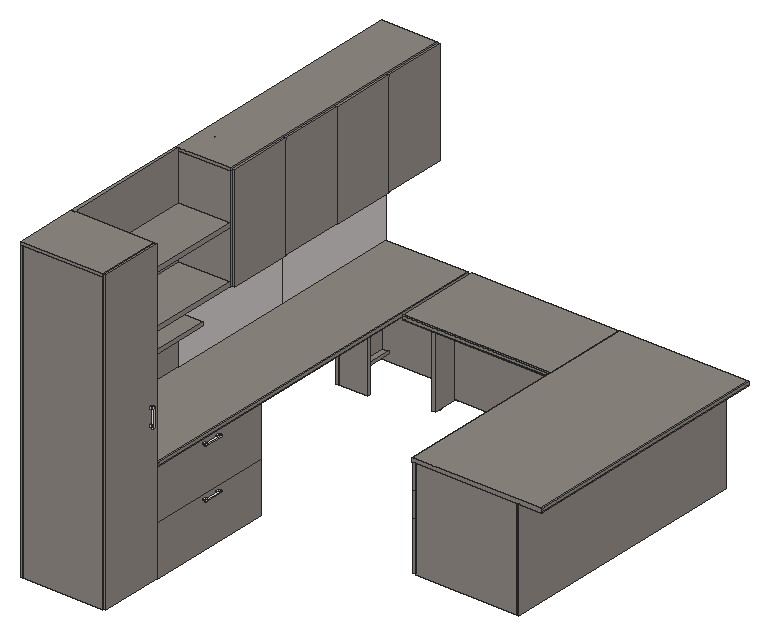
Revit family "JSI-Vision-Typical_Veneer-VSV125", category Furniture, Revit 2020 (continued)
Definition of nested family "JSI-Vision-Adjustable_Casegood-L_Shape-Modesty_Desk-Bridge"
  Definition of nested family "Double_Mechanism"
    Forms (in)
      Extrusion 9, solid, material <- "Support Finish"
        sketch origin (0, -56.13571, 0) x (1, 0, 0) y (0, 0, -1)
          loop
            line (-1.97781, -27.12586) -> (-3.00258, -27.12586)
            arc (-3.00258, -27.12586) -> (-3.05782, -27.14874) -> (-3.08071, -27.20399) r 0.07813
            line (-3.08071, -27.20399) -> (-3.08071, -28.23462)
            arc (-3.08071, -28.23462) -> (-3.05782, -28.28986) -> (-3.00258, -28.31275) r 0.07813
            line (-3.00258, -28.31275) -> (-1.97884, -28.31275)
          loop
            line (1.96218, -28.25025) -> (3.01821, -28.25025) -> (3.01821, -27.19414) -> (1.96218, -27.19414) -> (1.96218, -28.25025)
          loop
            line (-1.96218, -28.25025) -> (-1.96218, -27.18836) -> (-3.01821, -27.18836) -> (-3.01821, -28.25025) -> (-1.96218, -28.25025)
        from -4.88795 to 15.3089
      Extrusion 10, solid, material <- "Support Finish"
        sketch origin (0, -63.14354, 0) x (1, 0, 0) y (0, 0, -1)
          loop
            arc (-3.15949, -27.17039) -> (-3.14814, -27.14299) -> (-3.12074, -27.13164) r 0.03875
            line (-3.12074, -27.13164) -> (-2.09649, -27.13164) -> (-2.09649, -27.01353) -> (-3.12012, -27.01353)
            arc (-3.12012, -27.01353) -> (-3.23147, -27.05966) -> (-3.2776, -27.17101) r 0.15748
            line (-3.2776, -27.17101) -> (-3.2776, -28.15527)
            arc (-3.2776, -28.15527) -> (-3.28913, -28.1831) -> (-3.31697, -28.19464) r 0.03937
            line (-3.31697, -28.19464) -> (-9.29531, -28.19464) -> (-9.29531, -28.31275) -> (-3.31697, -28.31275)
            arc (-3.31697, -28.31275) -> (-3.20561, -28.26662) -> (-3.15949, -28.15527) r 0.15748
            line (-3.15949, -28.15527) -> (-3.15949, -27.17039)
          loop
            line (3.15949, -27.17039) -> (3.15949, -28.15527)
            arc (3.15949, -28.15527) -> (3.20561, -28.26662) -> (3.31697, -28.31275) r 0.15748
            line (3.31697, -28.31275) -> (9.29531, -28.31275) -> (9.29531, -28.19464) -> (3.31697, -28.19464)
            arc (3.31697, -28.19464) -> (3.28913, -28.1831) -> (3.2776, -28.15527) r 0.03937
            line (3.2776, -28.15527) -> (3.2776, -27.17101)
            arc (3.2776, -27.17101) -> (3.23147, -27.05966) -> (3.12012, -27.01353) r 0.15748
            line (3.12012, -27.01353) -> (2.09649, -27.01353) -> (2.09649, -27.13164) -> (3.12074, -27.13164)
            arc (3.12074, -27.13164) -> (3.14814, -27.14299) -> (3.15949, -27.17039) r 0.03875
        from 1.94468 to 4.38562
      Extrusion 11, void
        sketch origin (0, -63.14354, 0) x (1, 0, 0) y (0, 1, 0)
          loop
            line (-8.90161, 3.12578) -> (-4.8524, 3.12578)
            arc (-4.8524, 3.12578) -> (-4.57401, 3.24109) -> (-4.4587, 3.51948) r 0.3937
            line (-4.4587, 3.51948) -> (-4.4587, 3.99192)
            arc (-4.4587, 3.99192) -> (-4.3402, 4.278) -> (-4.05412, 4.3965) r 0.40458
            line (-4.05412, 4.3965) -> (-4.05412, 4.47635) -> (-9.50791, 4.47635) -> (-9.50791, 2.71483) -> (-9.31256, 2.71483)
            arc (-9.31256, 2.71483) -> (-9.19219, 3.00542) -> (-8.90161, 3.12578) r 0.41095
          loop
            arc (8.90161, 3.12578) -> (9.19219, 3.00542) -> (9.31256, 2.71483) r 0.41095
            line (9.31256, 2.71483) -> (9.50791, 2.71483) -> (9.50791, 4.47635) -> (4.05412, 4.47635) -> (4.05412, 4.3965)
            arc (4.05412, 4.3965) -> (4.3402, 4.278) -> (4.4587, 3.99192) r 0.40458
            line (4.4587, 3.99192) -> (4.4587, 3.51948)
            arc (4.4587, 3.51948) -> (4.57401, 3.24109) -> (4.8524, 3.12578) r 0.3937
            line (4.8524, 3.12578) -> (8.90161, 3.12578)
        from 26.46233 to 29.5
      Extrusion 12, solid, material <- "Support Finish"
        sketch origin (0, -1.70596, 0) x (1, 0, 0) y (0, 0, 1)
          loop
            arc (-2.97044, 28.25025) -> (-3.00421, 28.23626) -> (-3.01821, 28.20248) r 0.04777
            line (-3.01821, 28.20248) -> (-3.01821, 27.24102)
            arc (-3.01821, 27.24102) -> (-3.00448, 27.20787) -> (-2.97133, 27.19414) r 0.04688
            line (-2.97133, 27.19414) -> (-2.00906, 27.19414)
            arc (-2.00906, 27.19414) -> (-1.97591, 27.20787) -> (-1.96218, 27.24102) r 0.04688
            line (-1.96218, 27.24102) -> (-1.96218, 28.20337)
            arc (-1.96218, 28.20337) -> (-1.97591, 28.23652) -> (-2.00906, 28.25025) r 0.04688
            line (-2.00906, 28.25025) -> (-2.97044, 28.25025)
          loop
            arc (2.00906, 28.25025) -> (1.97591, 28.23652) -> (1.96218, 28.20337) r 0.04688
            line (1.96218, 28.20337) -> (1.96218, 27.24102)
            arc (1.96218, 27.24102) -> (1.97591, 27.20787) -> (2.00906, 27.19414) r 0.04688
            line (2.00906, 27.19414) -> (2.97133, 27.19414)
            arc (2.97133, 27.19414) -> (3.00448, 27.20787) -> (3.01821, 27.24102) r 0.04688
            line (3.01821, 27.24102) -> (3.01821, 28.20337)
            arc (3.01821, 28.20337) -> (3.00448, 28.23652) -> (2.97133, 28.25025) r 0.04688
            line (2.97133, 28.25025) -> (2.00906, 28.25025)
        from 14.61077 to 45.12085
    Cuts and joins
      Extrusion 11 cuts Extrusion 4
      Extrusion 7, Extrusion 11 cuts Extrusion 6
      joined: Extrusion 4, Extrusion 6
      Extrusion 11 cuts Extrusion 9
      Extrusion 11 cuts Extrusion 10
    Lines and regions (in)
      symbolic lines
        curve 1: line (-9.29531, -1.82657, 0) -> (9.29531, -1.82657, 0)
        curve 2: line (9.29531, -1.82657, 0) -> (9.29531, -2.83263, 0)
        curve 3: arc (9.29531, -2.83263, 0) -> (9.14704, -3.04444, 0) -> (8.90161, -3.12578, 0) r 0.41095
        curve 4: line (8.90161, -3.12578, 0) -> (4.8524, -3.12578, 0)
        curve 5: arc (4.8524, -3.12578, 0) -> (4.57401, -3.24109, 0) -> (4.4587, -3.51948, 0) r 0.3937
        curve 6: line (4.4587, -3.51948, 0) -> (4.4587, -3.99192, 0)
        curve 7: arc (4.4587, -3.99192, 0) -> (4.37144, -4.2429, 0) -> (4.14731, -4.38562, 0) r 0.40458
        curve 8: line (2.09649, -1.94468, 0) -> (2.09649, -4.38562, 0)
        curve 9: line (-9.29531, -1.82657, 0) -> (-9.29531, -2.83263, 0)
        curve 10: arc (-8.90161, -3.12578, 0) -> (-9.14704, -3.04444, 0) -> (-9.29531, -2.83263, 0) r 0.41095
        curve 11: line (-4.8524, -3.12578, 0) -> (-8.90161, -3.12578, 0)
        curve 12: arc (-4.4587, -3.51948, 0) -> (-4.57401, -3.24109, 0) -> (-4.8524, -3.12578, 0) r 0.3937
        curve 13: line (-4.4587, -3.99192, 0) -> (-4.4587, -3.51948, 0)
        curve 14: arc (-4.14731, -4.38562, 0) -> (-4.37144, -4.2429, 0) -> (-4.4587, -3.99192, 0) r 0.40458
        curve 15: line (-4.14731, -4.38562, 0) -> (-2.09649, -4.38562, 0)
        curve 16: line (-2.09649, -4.38562, 0) -> (-2.09649, -1.82657, 0)
        curve 17: line (-3.08071, -4.38562, 0) -> (-3.08071, -22.31673, 0)
        curve 18: line (-1.89968, -22.31673, 0) -> (-3.08071, -22.31673, 0)
        curve 19: line (-1.89968, -22.31673, 0) -> (-1.89968, -2.11987, 0)
        curve 20: line (-1.89968, -2.11987, 0) -> (-2.09649, -2.11987, 0)
        curve 21: line (3.08071, -4.38562, 0) -> (3.08071, -22.31673, 0)
        curve 22: line (1.89968, -22.31673, 0) -> (3.08071, -22.31673, 0)
        curve 23: line (1.89968, -22.31673, 0) -> (1.89968, -2.11987, 0)
        curve 24: line (1.89968, -2.11987, 0) -> (2.09649, -2.11987, 0)
        curve 25: line (-1.89968, -10.68287, 0) -> (1.89968, -10.68287, 0)
        curve 26: line (1.25984, -2.82928, 0) -> (-1.25984, -2.82928, 0)
        curve 27: arc (-1.25984, -2.82928, 0) -> (-1.32944, -2.85811, 0) -> (-1.35827, -2.92771, 0) r 0.09843
        curve 28: line (-1.35827, -2.92771, 0) -> (-1.35827, -5.44739, 0)
        curve 29: arc (-1.35827, -5.44739, 0) -> (-1.32944, -5.51699, 0) -> (-1.25984, -5.54582, 0) r 0.09843
        curve 30: line (-1.25984, -5.54582, 0) -> (1.25984, -5.54582, 0)
        curve 31: arc (1.25984, -5.54582, 0) -> (1.32944, -5.51699, 0) -> (1.35827, -5.44739, 0) r 0.09843
        curve 32: line (1.35827, -5.44739, 0) -> (1.35827, -2.92771, 0)
        curve 33: arc (1.35827, -2.92771, 0) -> (1.32944, -2.85811, 0) -> (1.25984, -2.82928, 0) r 0.09843
        curve 34: line (1.07283, -3.01629, 0) -> (-1.07283, -3.01629, 0)
        curve 35: arc (-1.07283, -3.01629, 0) -> (-1.14243, -3.04512, 0) -> (-1.17126, -3.11472, 0) r 0.09843
        curve 36: line (-1.17126, -3.11472, 0) -> (-1.17126, -5.26039, 0)
        curve 37: arc (-1.17126, -5.26039, 0) -> (-1.14243, -5.32998, 0) -> (-1.07283, -5.35881, 0) r 0.09843
        curve 38: line (-1.07283, -5.35881, 0) -> (1.07283, -5.35881, 0)
        curve 39: arc (1.07283, -5.35881, 0) -> (1.14243, -5.32998, 0) -> (1.17126, -5.26039, 0) r 0.09843
        curve 40: line (1.17126, -5.26039, 0) -> (1.17126, -3.11472, 0)
        curve 41: arc (1.17126, -3.11472, 0) -> (1.14243, -3.04512, 0) -> (1.07283, -3.01629, 0) r 0.09843
        curve 42: line (4.14731, -4.38562, 0) -> (2.09649, -4.38562, 0)
        curve 43: line (-9.29531, -61.31697, 0) -> (9.29531, -61.31697, 0)
        curve 44: line (9.29531, -61.31697, 0) -> (9.29531, -60.3109, 0)
        curve 45: arc (9.29531, -60.3109, 0) -> (9.14704, -60.09909, 0) -> (8.90161, -60.01776, 0) r 0.41095
        curve 46: line (8.90161, -60.01776, 0) -> (4.8524, -60.01776, 0)
        curve 47: arc (4.8524, -60.01776, 0) -> (4.57401, -59.90244, 0) -> (4.4587, -59.62405, 0) r 0.3937
        curve 48: line (4.4587, -59.62405, 0) -> (4.4587, -59.15161, 0)
        curve 49: arc (4.4587, -59.15161, 0) -> (4.37144, -58.90063, 0) -> (4.14731, -58.75791, 0) r 0.40458
        curve 50: line (2.09649, -61.19886, 0) -> (2.09649, -58.75791, 0)
        curve 51: line (-9.29531, -61.31697, 0) -> (-9.29531, -60.3109, 0)
        curve 52: arc (-8.90161, -60.01776, 0) -> (-9.14704, -60.09909, 0) -> (-9.29531, -60.3109, 0) r 0.41095
        curve 53: line (-4.8524, -60.01776, 0) -> (-8.90161, -60.01776, 0)
        curve 54: arc (-4.4587, -59.62405, 0) -> (-4.57401, -59.90244, 0) -> (-4.8524, -60.01776, 0) r 0.3937
        curve 55: line (-4.4587, -59.15161, 0) -> (-4.4587, -59.62405, 0)
        curve 56: arc (-4.14731, -58.75791, 0) -> (-4.37144, -58.90063, 0) -> (-4.4587, -59.15161, 0) r 0.40458
        curve 57: line (-4.14731, -58.75791, 0) -> (-2.09649, -58.75791, 0)
        curve 58: line (-2.09649, -58.75791, 0) -> (-2.09649, -61.31697, 0)
        curve 59: line (-3.08071, -58.75791, 0) -> (-3.08071, -40.82681, 0)
        curve 60: line (-1.89968, -40.82681, 0) -> (-3.08071, -40.82681, 0)
        curve 61: line (-1.89968, -40.82681, 0) -> (-1.89968, -61.02366, 0)
        curve 62: line (-1.89968, -61.02366, 0) -> (-2.09649, -61.02366, 0)
        curve 63: line (3.08071, -58.75791, 0) -> (3.08071, -40.82681, 0)
        curve 64: line (1.89968, -40.82681, 0) -> (3.08071, -40.82681, 0)
        curve 65: line (1.89968, -40.82681, 0) -> (1.89968, -61.02366, 0)
        curve 66: line (1.89968, -61.02366, 0) -> (2.09649, -61.02366, 0)
        curve 67: line (-1.89968, -52.46067, 0) -> (1.89968, -52.46067, 0)
        curve 68: line (1.25984, -60.31425, 0) -> (-1.25984, -60.31425, 0)
        curve 69: arc (-1.25984, -60.31425, 0) -> (-1.32944, -60.28542, 0) -> (-1.35827, -60.21583, 0) r 0.09843
        curve 70: line (-1.35827, -60.21583, 0) -> (-1.35827, -57.69614, 0)
        curve 71: arc (-1.35827, -57.69614, 0) -> (-1.32944, -57.62654, 0) -> (-1.25984, -57.59772, 0) r 0.09843
        curve 72: line (-1.25984, -57.59772, 0) -> (1.25984, -57.59772, 0)
        curve 73: arc (1.25984, -57.59772, 0) -> (1.32944, -57.62654, 0) -> (1.35827, -57.69614, 0) r 0.09843
        curve 74: line (1.35827, -57.69614, 0) -> (1.35827, -60.21583, 0)
        curve 75: arc (1.35827, -60.21583, 0) -> (1.32944, -60.28542, 0) -> (1.25984, -60.31425, 0) r 0.09843
        curve 76: line (1.07283, -60.12724, 0) -> (-1.07283, -60.12724, 0)
        curve 77: arc (-1.07283, -60.12724, 0) -> (-1.14243, -60.09842, 0) -> (-1.17126, -60.02882, 0) r 0.09843
        curve 78: line (-1.17126, -60.02882, 0) -> (-1.17126, -57.88315, 0)
        curve 79: arc (-1.17126, -57.88315, 0) -> (-1.14243, -57.81355, 0) -> (-1.07283, -57.78472, 0) r 0.09843
        curve 80: line (-1.07283, -57.78472, 0) -> (1.07283, -57.78472, 0)
        curve 81: arc (1.07283, -57.78472, 0) -> (1.14243, -57.81355, 0) -> (1.17126, -57.88315, 0) r 0.09843
        curve 82: line (1.17126, -57.88315, 0) -> (1.17126, -60.02882, 0)
        curve 83: arc (1.17126, -60.02882, 0) -> (1.14243, -60.09842, 0) -> (1.07283, -60.12724, 0) r 0.09843
        curve 84: line (4.14731, -58.75791, 0) -> (2.09649, -58.75791, 0)
        curve 85: line (-3.01821, -22.31673, 0) -> (-3.01821, -40.81673, 0)
        curve 86: line (-1.96218, -40.82681, 0) -> (-1.96218, -22.31673, 0)
        curve 87: line (1.96218, -22.31673, 0) -> (1.96218, -40.82681, 0)
        curve 88: line (3.01821, -40.82681, 0) -> (3.01821, -22.31673, 0)
    Dimensions and locks (in)
      Extrusion 1 sketch curve to Extrusion 1 sketch curve to plane 1 "Center (Front/Back)" = 2.34252" locked, 3.01629" locked
      Extrusion 1 sketch curve to plane 3 "Center (Left/Right)" to Extrusion 1 sketch curve = 1.17126" locked, 1.17126" locked
      Extrusion 3 sketch curve to plane 3 "Center (Left/Right)" to Extrusion 3 sketch curve = 1.35827" locked, 1.35827" locked
      Extrusion 3 sketch curve to Extrusion 3 sketch curve to plane 1 "Center (Front/Back)" = 2.71654" locked, 2.82928" locked
      plane 2 to Extrusion 3 to Extrusion 3 = 2.6907" locked, 23.38583" locked
      "Height": plane 2 to plane 4
      Extrusion 1 to Extrusion 1 to plane 4 = 23.38581" locked, 3.06941" locked
      Extrusion 2 sketch curve to Extrusion 2 sketch curve to Extrusion 2 sketch curve to plane 4 = 1.57541" locked, 0.275" locked, 1.219" locked
      Extrusion 4 sketch curve to Extrusion 4 sketch curve to Extrusion 4 sketch curve to Extrusion 4 sketch curve to Extrusion 4 sketch curve to Extrusion 4 sketch curve to plane 3 "Center (Left/Right)" to Extrusion 4 sketch curve to Extrusion 4 sketch curve to Extrusion 4 sketch curve to Extrusion 4 sketch curve to Extrusion 4 sketch curve to Extrusion 4 sketch curve = 0.37595" locked, 5.79863" locked, 0.26689" locked, 0.7773" locked, 0.15752" locked, 1.91902" locked, 1.92012" locked, 0.15643" locked, 0.7773" locked, 0.26631" locked, 5.79921" locked, 0.37595" locked
      plane 4 to Extrusion 4 sketch curve to Extrusion 4 sketch curve to Extrusion 4 sketch curve to Extrusion 4 sketch curve to Extrusion 4 sketch curve = 1.18725" locked, 0.55247" locked, 1.37887" locked, 0.03038" locked, 0.34891" locked
      plane 1 "Center (Front/Back)" to Extrusion 4 to Extrusion 4 to Extrusion 5 to Extrusion 5 = 1.82657" locked, 0.11811" locked, 0.1752" locked, 20.19685"
      Extrusion 5 sketch curve to Extrusion 5 sketch curve to Extrusion 5 sketch curve to Extrusion 5 sketch curve to plane 3 "Center (Left/Right)" to Extrusion 5 sketch curve to Extrusion 5 sketch curve to Extrusion 5 sketch curve to Extrusion 5 sketch curve = 0.07915" locked, 1.02374" locked, 5/64" locked, 1.89968" locked, 1.89968" locked, 5/64" locked, 1.02374" locked, 0.07915" locked
      plane 4 to Extrusion 5 sketch curve to Extrusion 5 sketch curve to Extrusion 5 sketch curve to Extrusion 5 sketch curve = 1.18725" locked, 0.07915" locked, 1.02382" locked, 5/64" locked
      plane 4 to Extrusion 6 sketch curve to Extrusion 6 sketch curve to Extrusion 6 sketch curve to Extrusion 6 sketch curve to Extrusion 6 sketch curve to Extrusion 6 sketch curve = 1.18725" locked, 0.11811" locked, 0.03937" locked, 0.98425" locked, 0.03937" locked, 0.11811" locked
      plane 4 to Extrusion 8 sketch curve to Extrusion 8 sketch curve to Extrusion 8 sketch curve = 1.18725" locked, 0.275" locked, 1.57541" locked
      Extrusion 9 to Extrusion 9 = 20.19685"
      Extrusion 9 sketch curve to Extrusion 9 sketch curve to Extrusion 9 sketch curve to Extrusion 9 sketch curve to plane 3 "Center (Left/Right)" to Extrusion 9 sketch curve to Extrusion 9 sketch curve to Extrusion 9 sketch curve to Extrusion 9 sketch curve = 5/64" locked, 1.02374" locked, 0.07915" locked, 1.89968" locked, 1.89968" locked, 0.07915" locked, 1.02374" locked, 5/64" locked
      Extrusion 9 sketch curve to Extrusion 9 sketch curve to Extrusion 9 sketch curve to Extrusion 9 sketch curve to plane 4 = 5/64" locked, 1.02382" locked, 0.07915" locked, 1.18725" locked
      Extrusion 10 sketch curve to Extrusion 10 sketch curve to Extrusion 10 sketch curve to Extrusion 10 sketch curve to Extrusion 10 sketch curve to Extrusion 10 sketch curve = 0.11811" locked, 0.03937" locked, 0.98425" locked, 0.03937" locked, 0.11811" locked
      plane 5 to plane 1 "Center (Front/Back)" = 71.89468"
      locked: Extrusion 12 to Extrusion 5 at 6
      locked: cut or joined group of Extrusion 9, Extrusion 11 to Extrusion 12 at 6
      aligned and locked: plane 2 to level
      aligned and locked: Extrusion 1 to Extrusion 2
      aligned and locked: Extrusion 4 sketch curve to Extrusion 4 sketch curve  (x2)
      aligned and locked: Extrusion 5 sketch curve to Extrusion 5 sketch curve
      aligned and locked: Extrusion 4 to Extrusion 5 sketch curve
      aligned and locked: Extrusion 6 sketch curve to Extrusion 4
      aligned and locked: Extrusion 6 sketch curve to Extrusion 6 sketch curve  (x4)
      aligned and locked: Extrusion 6 to Extrusion 4
      aligned and locked: Extrusion 7 to plane 4
      aligned and locked: Extrusion 2 to Extrusion 7
      aligned and locked: curve 9 to cut or joined group of Extrusion 4, Extrusion 6, Extrusion 7, Extrusion 11
      aligned and locked: curve 10 to cut or joined group of Extrusion 4, Extrusion 6, Extrusion 7, Extrusion 11
      aligned and locked: curve 12 to cut or joined group of Extrusion 4, Extrusion 6, Extrusion 7, Extrusion 11
      aligned and locked: curve 14 to cut or joined group of Extrusion 4, Extrusion 6, Extrusion 7, Extrusion 11
      aligned and locked: curve 42 to cut or joined group of Extrusion 4, Extrusion 6, Extrusion 7, Extrusion 11
      aligned and locked: curve 18 to curve 22
      aligned and locked: curve 18 to Extrusion 5
      aligned and locked: Extrusion 9 sketch curve to Extrusion 9 sketch curve
      aligned and locked: Extrusion 10 sketch curve to Extrusion 10 sketch curve  (x4)
      aligned and locked: Extrusion 11 to Extrusion 8
      aligned and locked: curve 60 to curve 64
      aligned and locked: Extrusion 9 to curve 60
      aligned and locked: cut or joined group of Extrusion 9, Extrusion 11 to Extrusion 12 sketch curve
      aligned and locked: Extrusion 12 sketch curve to Extrusion 5
      aligned and locked: curve 86 to cut or joined group of Extrusion 9, Extrusion 11
      aligned and locked: Extrusion 5 to curve 87
      aligned and locked: curve 88 to cut or joined group of Extrusion 9, Extrusion 11
    Automatic sketch dimensions
      Extrusion 1 sketch curve to Extrusion 1 sketch curve = 0.09843"  (x4)
      plane 1 "Center (Front/Back)" to Extrusion 2 sketch curve = 10.68287"
      Extrusion 2 sketch curve to Extrusion 2 sketch curve = 0.5621"
      Extrusion 2 sketch curve to Extrusion 2 sketch curve = 0.50019"
      plane 1 "Center (Front/Back)" to Extrusion 2 sketch curve = 2.02145"
      Extrusion 3 sketch curve to Extrusion 3 sketch curve = 0.09843"  (x4)
      plane 4 to Extrusion 4 sketch curve = 2.11365"  (x2)
      Extrusion 4 sketch curve to Extrusion 4 sketch curve = 0.19623"
      Extrusion 4 sketch curve to Extrusion 4 sketch curve = 0.03875"
      Extrusion 4 sketch curve to Extrusion 4 sketch curve = 0.04121"  (x2)
      Extrusion 4 sketch curve to Extrusion 4 sketch curve = 0.00958"  (x2)
      Extrusion 4 sketch curve to Extrusion 4 sketch curve = 5/128"
      Extrusion 4 sketch curve to Extrusion 4 sketch curve = 0.04016"
      Extrusion 4 sketch curve to Extrusion 4 sketch curve = 0.03933"
      Extrusion 4 sketch curve to Extrusion 4 sketch curve = 0.15748"
      Extrusion 4 sketch curve to Extrusion 4 sketch curve = 0.03888"
      Extrusion 4 sketch curve to Extrusion 4 sketch curve = 0.34891"
      Extrusion 4 sketch curve to Extrusion 4 sketch curve = 0.37929"
      Extrusion 4 sketch curve to Extrusion 4 sketch curve = 0.39634"  (x2)
      Extrusion 4 sketch curve to Extrusion 4 sketch curve = 0.75024"
      Extrusion 4 sketch curve to Extrusion 4 sketch curve = 0.38427"
      Extrusion 5 sketch curve to Extrusion 5 sketch curve = 0.01665"  (x2)
      Extrusion 5 sketch curve to Extrusion 5 sketch curve = 5/64"  (x2)
      Extrusion 5 sketch curve to Extrusion 5 sketch curve = 1/64"  (x7)
      Extrusion 6 sketch curve to Extrusion 6 sketch curve = 0"  (x4)
      Extrusion 6 sketch curve to Extrusion 6 sketch curve = 5.97835"  (x2)
      Extrusion 6 sketch curve to Extrusion 6 sketch curve = 1.02424"
      plane 3 "Center (Left/Right)" to Extrusion 6 sketch curve = 2.09649"
      Extrusion 6 sketch curve to Extrusion 6 sketch curve = 1.02362"
      Extrusion 6 sketch curve to Extrusion 6 sketch curve = 0.00062"
      Extrusion 6 sketch curve to Extrusion 6 sketch curve = 0.03875"
      Extrusion 6 sketch curve to Extrusion 6 sketch curve = 0.03937"
      plane 1 "Center (Front/Back)" to Extrusion 7 sketch curve = 4.47635"  (x2)
      Extrusion 7 sketch curve to plane 3 "Center (Left/Right)" = 9.50791"
      Extrusion 7 sketch curve to Extrusion 7 sketch curve = 0.19535"  (x2)
      Extrusion 7 sketch curve to Extrusion 7 sketch curve = 0.41095"  (x2)
      Extrusion 7 sketch curve to Extrusion 7 sketch curve = 4.04921"  (x2)
      Extrusion 7 sketch curve to Extrusion 7 sketch curve = 0.3937"  (x2)
      Extrusion 7 sketch curve to Extrusion 7 sketch curve = 0.40458"  (x2)
      plane 3 "Center (Left/Right)" to Extrusion 7 sketch curve = 4.05412"
      Extrusion 7 sketch curve to Extrusion 7 sketch curve = 0.07985"  (x2)
      Extrusion 7 sketch curve to Extrusion 7 sketch curve = 0.47244"  (x2)
      plane 1 "Center (Front/Back)" to Extrusion 8 sketch curve = 52.46067"
      Extrusion 8 sketch curve to Extrusion 8 sketch curve = 0.5621"
      Extrusion 8 sketch curve to Extrusion 8 sketch curve = 0.50019"
      Extrusion 8 sketch curve to Extrusion 8 sketch curve = 7.59913"
      Extrusion 9 sketch curve to Extrusion 9 sketch curve = 1/64"  (x8)
      Extrusion 9 sketch curve to Extrusion 9 sketch curve = 5/64"  (x2)
      Extrusion 9 sketch curve to Extrusion 9 sketch curve = 0.01665"
      Extrusion 9 sketch curve to Extrusion 9 sketch curve = 1.03063"
      Extrusion 10 sketch curve to Extrusion 10 sketch curve = 0"  (x4)
      plane 4 to Extrusion 10 sketch curve = 1.30536"
      Extrusion 10 sketch curve to plane 3 "Center (Left/Right)" = 9.29531"
      Extrusion 10 sketch curve to plane 3 "Center (Left/Right)" = 3.31697"
      Extrusion 10 sketch curve to Extrusion 10 sketch curve = 0.00062"  (x2)
      Extrusion 10 sketch curve to Extrusion 10 sketch curve = 1.02424"
      plane 3 "Center (Left/Right)" to Extrusion 10 sketch curve = 2.09649"
      Extrusion 10 sketch curve to Extrusion 10 sketch curve = 1.02362"
      Extrusion 10 sketch curve to Extrusion 10 sketch curve = 0.03875"
      Extrusion 10 sketch curve to Extrusion 10 sketch curve = 0.03937"
      Extrusion 10 sketch curve to Extrusion 10 sketch curve = 5.97835"
      Extrusion 11 sketch curve to plane 3 "Center (Left/Right)" = 9.50791"
      Extrusion 11 sketch curve to Extrusion 11 sketch curve = 0.19535"  (x2)
      Extrusion 11 sketch curve to Extrusion 11 sketch curve = 0.41095"  (x2)
      Extrusion 11 sketch curve to Extrusion 11 sketch curve = 4.04921"  (x2)
      Extrusion 11 sketch curve to Extrusion 11 sketch curve = 0.3937"  (x2)
      Extrusion 11 sketch curve to Extrusion 11 sketch curve = 0.40458"  (x2)
      plane 3 "Center (Left/Right)" to Extrusion 11 sketch curve = 4.05412"
      plane 1 "Center (Front/Back)" to Extrusion 11 sketch curve = 60.4287"
      Extrusion 11 sketch curve to Extrusion 11 sketch curve = 0.80465"
      Extrusion 11 sketch curve to Extrusion 11 sketch curve = 0.47244"  (x2)
      Extrusion 11 sketch curve to Extrusion 11 sketch curve = 0.07985"  (x2)
      plane 4 to Extrusion 12 sketch curve = 1.29752"
      Extrusion 12 sketch curve to plane 3 "Center (Left/Right)" = 3.01821"
      Extrusion 12 sketch curve to Extrusion 12 sketch curve = 3/64"  (x5)
      Extrusion 12 sketch curve to Extrusion 12 sketch curve = 0.04777"
      Extrusion 12 sketch curve to Extrusion 12 sketch curve = 0.96138"
      Extrusion 12 sketch curve to Extrusion 12 sketch curve = 0.96227"  (x3)
      plane 3 "Center (Left/Right)" to Extrusion 12 sketch curve = 1.96218"
      Extrusion 12 sketch curve to Extrusion 12 sketch curve = 1.00923"
      curve 51 to plane 3 "Center (Left/Right)" = 9.29531"
      curve 52 to curve 52 = 0.3937"
      curve 52 to curve 54 = 4.04921"
      curve 54 to curve 55 = 0.3937"
      curve 15 to curve 14 = 0.09319"
      curve 56 to curve 57 = 0.31139"
      curve 57 to curve 56 = 0.09319"
      curve 59 to curve 86 = 1.11852"
      curve 18 to curve 86 = 1.11852"
      curve 59 to curve 57 = 0.98421"
      curve 17 to curve 16 = 0.98421"
      curve 86 to curve 19 = 1/16"
      curve 86 to curve 60 = 1/16"
      curve 15 to curve 28 = 0.73823"
      curve 57 to curve 70 = 0.73823"
      curve 27 to curve 27 = 0.09843"
      curve 71 to curve 72 = 0.09843"
      curve 70 to curve 68 = 0.09843"
      curve 29 to curve 30 = 0.09843"
      curve 27 to curve 36 = 0.08858"
      curve 69 to curve 78 = 0.08858"
      curve 36 to curve 34 = 0.09843"
      curve 37 to curve 37 = 0.09843"
      curve 79 to curve 80 = 0.09843"
      curve 77 to curve 76 = 0.09843"
      plane 3 "Center (Left/Right)" to curve 34 = 1.07283"
      plane 3 "Center (Left/Right)" to curve 38 = 1.07283"
      plane 3 "Center (Left/Right)" to curve 76 = 1.07283"
      plane 3 "Center (Left/Right)" to curve 80 = 1.07283"
      curve 83 to curve 82 = 0.09843"
      curve 41 to curve 40 = 0.09843"
      curve 80 to curve 73 = 0.18701"
      curve 83 to curve 68 = 0.18701"
      curve 38 to curve 31 = 0.18701"
      curve 41 to curve 26 = 0.18701"
      curve 33 to curve 32 = 0.09843"
      curve 73 to curve 74 = 0.09843"
      curve 23 to curve 87 = 1/16"
      curve 64 to curve 87 = 1/16"
      curve 39 to curve 8 = 0.92523"
      curve 81 to curve 50 = 0.92523"
      curve 87 to curve 64 = 1.11852"
      curve 21 to curve 7 = 0.97341"
      curve 63 to curve 49 = 0.97341"
      curve 7 to curve 42 = 0.09319"
      curve 49 to curve 84 = 0.09319"
      curve 49 to curve 48 = 0.40458"
      curve 7 to curve 6 = 0.40458"
      curve 6 to curve 5 = 0.3937"
      curve 47 to curve 47 = 0.3937"
      curve 5 to curve 4 = 4.04921"
      curve 47 to curve 45 = 4.04921"
      curve 45 to curve 44 = 0.3937"
      curve 3 to curve 2 = 0.3937"
      curve 63 to curve 21 = 18.51008"
      curve 72 to plane 5 = 14.29696"
      curve 80 to curve 71 = 0.08858"
      curve 84 to curve 73 = 1.06177"
      curve 57 to curve 78 = 0.87476"
      curve 54 to curve 55 = 0.47244"
      curve 48 to curve 48 = 0.47244"
      curve 77 to curve 57 = 1.27091"
      curve 75 to curve 83 = 0.08858"
      curve 44 to curve 45 = 0.29315"
      curve 51 to curve 52 = 0.29315"
      curve 65 to curve 68 = 0.70941"
      curve 62 to curve 68 = 0.70941"
      curve 51 to curve 52 = 0.88827"
      curve 30 to curve 8 = 1.1602"
      curve 29 to curve 38 = 0.08858"
      curve 6 to curve 6 = 0.47244"
      curve 15 to curve 36 = 1.27091"
      curve 36 to curve 27 = 0.18701"
      curve 3 to curve 2 = 0.29315"
      curve 26 to curve 20 = 0.70941"
      curve 33 to curve 23 = 0.70941"
      curve 3 to curve 2 = 0.88827"
      curve 17 to curve 85 = 1/16"
      curve 88 to curve 21 = 1/16"
      curve 59 to curve 85 = 0.01008"
      curve 72 to curve 67 = 5.13705"
      curve 50 to curve 66 = 0.1752"
      curve 25 to curve 30 = 5.13705"
      curve 24 to curve 8 = 0.1752"
Definition of nested family "JSI-Vision-Wall_Panel_Laminate"
  Parameters (values of type "Type Catalog")
    Width = 36"
    URL = "www.jsifurniture.com"
    Type Comments = ""
    Shelf Finish = none
    Shelf [instance] = yes
    Series = "Vision Casegoods"  # constant formula
    Model = "Type Catalog"
    Material = ""
    Manufacturer = "JSI"  # constant formula
    Keynote = "12500"  # constant formula
    SVX Enviromental Website = "http://www.jsifurniture.com/jsi_sustainability_intro.php"
    Height = 25"
    Hardware Finish = none
    Description = "Type Catalog"
    Depth [instance] = if(Shelf, 7 15/16", 15/16")  # 7 15/16"
    Panel Finish = none
    Default Elevation = 0"
    Assembly Code = "E2020200"
  Reference planes (in)
    plane 1 "Center Front/Back": y = 0
    plane 2: z = 0
    plane 3 "Center Left/Right": x = 0
    plane 4: z = 0
    plane 5: z = 54.5
    plane 6: x = 36
    plane 7: y = -7.9375
    plane 8: z = 29.5
    plane 9: y = -0.1875
    plane 10: x = 1
    plane 11: x = 35
    plane 12: z = 42
  Forms (in)
    Extrusion 1, solid, material <- "Hardware Finish"
      sketch origin (0, 0, 0) x (0, 1, 0) y (0, 0, 1)
        loop
          line (-0.2, 33.125) -> (-0.2, 32.25) -> (-0.075, 32.25) -> (-0.075, 31.25) -> (0, 31.25) -> (0, 31.33062)
          arc (0, 31.33062) -> (-0.03012, 31.36074) -> (0, 31.39087) r 0.03012
          line (0, 31.39087) -> (0, 31.45562)
          arc (0, 31.45562) -> (-0.03012, 31.48574) -> (0, 31.51587) r 0.03012
          line (0, 31.51587) -> (0, 31.58062)
          arc (0, 31.58062) -> (-0.03012, 31.61074) -> (0, 31.64087) r 0.03012
          line (0, 31.64087) -> (0, 31.70562)
          arc (0, 31.70562) -> (-0.03012, 31.73574) -> (0, 31.76587) r 0.03012
          line (0, 31.76587) -> (0, 31.83062)
          arc (0, 31.83062) -> (-0.03012, 31.86074) -> (0, 31.89087) r 0.03012
          line (0, 31.89087) -> (0, 31.95562)
          arc (0, 31.95562) -> (-0.03012, 31.98574) -> (0, 32.01587) r 0.03012
          line (0, 32.01587) -> (0, 32.08062)
          arc (0, 32.08062) -> (-0.03012, 32.11074) -> (0, 32.14087) r 0.03012
          line (0, 32.14087) -> (0, 32.5) -> (-0.095, 32.5) -> (-0.095, 33.125) -> (-0.2, 33.125)
        loop
          line (-0.2, 50.375) -> (-0.2, 49.5) -> (-0.075, 49.5) -> (-0.075, 48.5) -> (0, 48.5) -> (0, 48.58062)
          arc (0, 48.58062) -> (-0.03012, 48.61074) -> (0, 48.64087) r 0.03012
          line (0, 48.64087) -> (0, 48.70562)
          arc (0, 48.70562) -> (-0.03012, 48.73574) -> (0, 48.76587) r 0.03012
          line (0, 48.76587) -> (0, 48.83062)
          arc (0, 48.83062) -> (-0.03012, 48.86074) -> (0, 48.89087) r 0.03012
          line (0, 48.89087) -> (0, 48.95562)
          arc (0, 48.95562) -> (-0.03012, 48.98574) -> (0, 49.01587) r 0.03012
          line (0, 49.01587) -> (0, 49.08062)
          arc (0, 49.08062) -> (-0.03012, 49.11074) -> (0, 49.14087) r 0.03012
          line (0, 49.14087) -> (0, 49.20562)
          arc (0, 49.20562) -> (-0.03012, 49.23574) -> (0, 49.26587) r 0.03012
          line (0, 49.26587) -> (0, 49.33062)
          arc (0, 49.33062) -> (-0.03012, 49.36074) -> (0, 49.39087) r 0.03012
          line (0, 49.39087) -> (0, 49.75) -> (-0.095, 49.75) -> (-0.095, 50.375) -> (-0.2, 50.375)
      from 35 to 1
    Extrusion 2, solid, material <- "Hardware Finish"
      sketch origin (0, 0, 0) x (0, 1, 0) y (0, 0, 1)
        loop
          line (0, 32.5) -> (0, 33.375) -> (-0.1125, 33.375) -> (-0.1125, 34.375) -> (-0.1875, 34.375) -> (-0.1875, 33.125) -> (-0.095, 33.125) -> (-0.095, 32.5) -> (0, 32.5)
        loop
          line (0, 49.75) -> (0, 50.625) -> (-0.125, 50.625) -> (-0.125, 51.625) -> (-0.1875, 51.625) -> (-0.1875, 50.375) -> (-0.095, 50.375) -> (-0.095, 49.75) -> (0, 49.75)
      from 2 to 7
    Extrusion 3, solid, material <- "Panel Finish"
      sketch origin (0, 0, 0) x (1, 0, 0) y (0, 1, 0)
        loop
          line (0, -0.1875) -> (0, -0.9375) -> (36, -0.9375) -> (36, -0.1875) -> (0, -0.1875)
      from 29.5 to 54.5
    Extrusion 4, solid, material <- "Hardware Finish"
      sketch origin (14.25, 0, 0) x (0, 1, 0) y (0, 0, 1)
        loop
          line (0, 32.5) -> (0, 33.375) -> (-0.1125, 33.375) -> (-0.1125, 34.375) -> (-0.1875, 34.375) -> (-0.1875, 33.125) -> (-0.095, 33.125) -> (-0.095, 32.5) -> (0, 32.5)
        loop
          line (0, 49.75) -> (0, 50.625) -> (-0.125, 50.625) -> (-0.125, 51.625) -> (-0.1875, 51.625) -> (-0.1875, 50.375) -> (-0.095, 50.375) -> (-0.095, 49.75) -> (0, 49.75)
      from 14.75 to 19.75
    Extrusion 5, solid, material <- "Shelf Finish", visible <- "Shelf"
      sketch origin (0, 0, 0) x (0, 1, 0) y (0, 0, 1)
        loop
          line (-0.9375, 43.1875) -> (-7.9375, 43.1875) -> (-7.9375, 42) -> (-0.9375, 42) -> (-0.9375, 43.1875)
      from 36 to 0
  Lines and regions (in)
    symbolic lines
      curve 1: line (0, -0.9375, 0) -> (36, -0.9375, 0)
      curve 2: line (36, -0.9375, 0) -> (36, -0.1875, 0)
      curve 3: line (36, -0.1875, 0) -> (0, -0.1875, 0)
      curve 4: line (0, -0.1875, 0) -> (0, -0.9375, 0)
      curve 8: line (1, -0.1875, 0) -> (1, 0, 0)
      curve 9: line (1, 0, 0) -> (35, 0, 0)
      curve 10: line (35, 0, 0) -> (35, -0.1875, 0)
    symbolic lines, visible <- "Shelf"
      curve 5: line (0, -0.9375, 0) -> (0, -7.9375, 0)
      curve 6: line (0, -7.9375, 0) -> (36, -7.9375, 0)
      curve 7: line (36, -7.9375, 0) -> (36, -0.9375, 0)
  Dimensions and locks (in)
    "Width": plane 3 "Center Left/Right" to plane 6
    "Depth": plane 1 "Center Front/Back" to plane 7
    locked: plane 8 to plane 4 at 29.5
    "Height": plane 5 to plane 8
    plane 8 to Extrusion 1 sketch curve to Extrusion 1 sketch curve to Extrusion 1 sketch curve to Extrusion 1 sketch curve to Extrusion 1 sketch curve to Extrusion 1 sketch curve to Extrusion 1 sketch curve to Extrusion 1 sketch curve to Extrusion 1 sketch curve to Extrusion 1 sketch curve to Extrusion 1 sketch curve = 1 3/4" locked, 0.11074" locked, 1/8" locked, 1/8" locked, 1/8" locked, 1/8" locked, 1/8" locked, 1/8" locked, 0.13926" locked, 1/4" locked, 5/8" locked
    Extrusion 1 sketch curve to Extrusion 1 sketch curve to Extrusion 1 sketch curve to Extrusion 1 sketch curve to Extrusion 1 sketch curve to Extrusion 1 sketch curve to Extrusion 1 sketch curve to Extrusion 1 sketch curve to Extrusion 1 sketch curve to Extrusion 1 sketch curve to Extrusion 1 sketch curve to plane 5 = 0.11074" locked, 1/8" locked, 1/8" locked, 1/8" locked, 1/8" locked, 1/8" locked, 1/8" locked, 0.13926" locked, 1/4" locked, 5/8" locked, 4 1/8" locked
    plane 5 to Extrusion 2 sketch curve to Extrusion 2 sketch curve to Extrusion 2 sketch curve to Extrusion 2 sketch curve = 2 7/8" locked, 1" locked, 1/4" locked, 5/8" locked
    plane 8 to Extrusion 2 sketch curve to Extrusion 2 sketch curve to Extrusion 2 sketch curve to Extrusion 2 sketch curve = 3" locked, 5/8" locked, 1/4" locked, 1" locked
    locked: Extrusion 3 sketch curve to plane 9 at 0.75
    plane 9 to plane 1 "Center Front/Back" = 3/16"
    Extrusion 4 sketch curve to Extrusion 4 sketch curve to Extrusion 4 sketch curve to Extrusion 4 sketch curve = 1" locked, 1/4" locked, 5/8" locked
    Extrusion 4 sketch curve to Extrusion 4 sketch curve to Extrusion 4 sketch curve to Extrusion 4 sketch curve = 5/8" locked, 1/4" locked, 1" locked
    plane 3 "Center Left/Right" to plane 10 to Extrusion 2 to Extrusion 2 = 1" locked, 1" locked, 5" locked
    plane 6 to plane 11 to Extrusion 4 to Extrusion 4 = 1" locked, 1" locked, 5" locked
    locked: Extrusion 3 to Extrusion 5 sketch curve at 7
    equal spacing: plane 5, plane 12, plane 8
    locked: plane 12 to Extrusion 5 sketch curve at 1.1875
    aligned and locked: level to plane 2
    aligned and locked: plane 1 "Center Front/Back" to Extrusion 1 sketch curve
    aligned and locked: plane 1 "Center Front/Back" to Extrusion 2 sketch curve  (x2)
    aligned and locked: Extrusion 2 sketch curve to plane 9  (x2)
    aligned and locked: plane 9 to Extrusion 3 sketch curve
    aligned and locked: plane 3 "Center Left/Right" to Extrusion 3 sketch curve
    aligned and locked: plane 6 to Extrusion 3 sketch curve
    aligned and locked: Extrusion 3 to plane 8
    aligned and locked: plane 5 to Extrusion 3
    aligned and locked: Extrusion 3 to plane 5
    aligned and locked: plane 10 to Extrusion 1
    aligned and locked: plane 11 to Extrusion 1
    aligned and locked: Extrusion 3 to Extrusion 5 sketch curve
    aligned and locked: plane 12 to Extrusion 5 sketch curve
    aligned and locked: Extrusion 5 to plane 3 "Center Left/Right"
    aligned and locked: Extrusion 5 to plane 6
    aligned and locked: curve 1 to Extrusion 3
    aligned and locked: curve 2 to Extrusion 3
    aligned and locked: curve 3 to Extrusion 3
    aligned and locked: curve 4 to Extrusion 3
    aligned and locked: curve 6 to Extrusion 5
  Automatic sketch dimensions
    Extrusion 1 sketch curve to plane 1 "Center Front/Back" = 0"
    plane 9 to Extrusion 1 sketch curve = 0.0125"  (x2)
    Extrusion 1 sketch curve to plane 9 = 0.0925"  (x2)
    plane 1 "Center Front/Back" to Extrusion 1 sketch curve = 0.075"  (x2)
    Extrusion 1 sketch curve to Extrusion 1 sketch curve = 0.03012"  (x14)
    Extrusion 2 sketch curve to plane 9 = 1/16"
    Extrusion 2 sketch curve to plane 9 = 0.075"
    Extrusion 2 sketch curve to plane 9 = 0.0925"  (x2)
    Extrusion 4 sketch curve to plane 9 = 0"  (x2)
    Extrusion 4 sketch curve to plane 1 "Center Front/Back" = 0"  (x2)
    Extrusion 4 sketch curve to Extrusion 4 sketch curve = 1/16"
    Extrusion 4 sketch curve to plane 9 = 0.075"
    Extrusion 4 sketch curve to Extrusion 4 sketch curve = 0.0925"
    Extrusion 4 sketch curve to plane 9 = 0.0925"
    plane 8 to Extrusion 4 sketch curve = 3"
    Extrusion 4 sketch curve to plane 5 = 4 3/4"
    plane 1 "Center Front/Back" to curve 8 = 0"
    curve 8 to plane 10 = 0"
    curve 9 to plane 11 = 0"
Definition of nested family "JSI-Vision-Tackboard_Wall _Panel"
  Parameters (values of type "VSB3625WPTK, Wall Panel Tackboard")
    Tackboard = none
    Width = 36"
    URL = "www.jsifurniture.com"
    Type Comments = ""
    Series = "Vision Casegoods"  # constant formula
    Model = "VSB3625WPTK"
    Material = ""
    Manufacturer = "JSI"  # constant formula
    Keynote = "12500"  # constant formula
    JSI Enviromental Website = "http://www.jsifurniture.com/jsi_sustainability_intro.php"
    Height = 25"
    Description = "25\"H Wall Panel - Tackboard - 1d x 36w  x 25h"
    Depth = 1"
    Default Elevation = 0"
    Assembly Code = "E2020200"
  Types (2): name | Width | Model
    VSB3625WPTK, Wall Panel Tackboard | 36" | "VSB3625WPTK"
    VSB4825WPTK, Wall Panel Tackboard | 48" | "VSB4825WPTK"
  Reference planes (in)
    plane 1 "Center Front/Back": y = 0
    plane 2: z = 0
    plane 3 "Center Left/Right": x = 0
    plane 4: z = 0
    plane 5: x = 0.9375
    plane 6: x = 36.9375
    plane 7: y = -1.6875
    plane 8: z = 33.75
    plane 9: x = 37.875
    plane 10: z = 58.75
    plane 11: y = -2.6875
  Forms (in)
    Extrusion 1, solid, material <- "Tackboard"
      sketch origin (0, -0.125, 0) x (1, 0, 0) y (0, 1, 0)
        loop
          line (0.9375, -1.5625) -> (0.9375, -2.5625) -> (36.9375, -2.5625) -> (36.9375, -1.5625) -> (0.9375, -1.5625)
      from 33.75 to 58.75
  Lines and regions (in)
    symbolic lines
      curve 1: line (0.9375, -1.6875, 0) -> (36.9375, -1.6875, 0)
      curve 2: line (0.9375, -2.6875, 0) -> (0.9375, -1.6875, 0)
      curve 3: line (36.9375, -2.6875, 0) -> (0.9375, -2.6875, 0)
      curve 4: line (36.9375, -1.6875, 0) -> (36.9375, -2.6875, 0)
  Dimensions and locks (in)
    "Width": plane 5 to plane 6
    plane 8 to level = 33 3/4"
    "Height": plane 10 to plane 8
    locked: plane 3 "Center Left/Right" to plane 5 at 0.9375
    locked: plane 6 to plane 9 at 0.9375
    plane 1 "Center Front/Back" to plane 7 to plane 11 = 1 11/16" locked, 1" locked
    aligned and locked: level to plane 2
    aligned and locked: plane 7 to Extrusion 1
    aligned and locked: Extrusion 1 to plane 5  (x2)
    aligned and locked: plane 6 to Extrusion 1  (x2)
    aligned and locked: Extrusion 1 to plane 8
    aligned and locked: plane 10 to Extrusion 1
    aligned and locked: curve 1 to Extrusion 1
    aligned and locked: curve 2 to Extrusion 1
    aligned and locked: curve 3 to Extrusion 1
    aligned and locked: curve 4 to Extrusion 1
    aligned and locked: Extrusion 1 to plane 11
  Automatic sketch dimensions
    Extrusion 1 sketch curve to plane 5 = 0"
    Extrusion 1 sketch curve to plane 6 = 0"
    plane 7 to Extrusion 1 sketch curve = 0"
    Extrusion 1 sketch curve to plane 7 = 1"
Definition of nested family "JSI-Vision-Wall_Mount_Double_Shelf_for_84H"
  Parameters (values of type "VST1530-30WMS, Wall Mount Double Shelf for 84" Height - 29 1/2"H, 30"W")
    Width = 30"
    URL = "www.jsifurniture.com"
    Type Comments = ""
    Shelf Finish = none
    Series = "Vision Casegoods"  # constant formula
    Model = "VST1530-30WMS"
    Manufacturer = "JSI"  # constant formula
    Keynote = "12500"  # constant formula
    SVX Enviromental Website = "http://www.jsifurniture.com/jsi_sustainability_intro.php"
    Height = 29 1/2"
    Hardware Finish = none
    Description = "Wall Mount Double Shelf Laminate for 84\" Height 30\"D x 15 3/8\"W x 29 1/2\"H"
    Depth = 15 3/8"
    Panel Finish = none
    Default Elevation = 0"
    Assembly Code = "E2020200"
  Types (10): name | Width | Model | Description
    VST1530-30WMS, Wall Mount Double Shelf for 84" Height - 29 1/2"H, 30"W | 30" | "VST1530-30WMS" | "Wall Mount Double Shelf Laminate for 84\" Height 30\"D x 15 3/8\"W x 29 1/2\"H"
    VST1560-30WMS, Wall Mount Double Shelf for 84" Height - 29 1/2"H, 60"W | 60" | "VST1560-30WMS" | "Wall Mount Double Shelf Laminate for 84\" Height 60\"D x 15 3/8\"W x 29 1/2\"H"
    VST1536-30WMS, Wall Mount Double Shelf for 84" Height - 29 1/2"H, 36"W | 36" | "VST1536-30WMS" | "Wall Mount Double Shelf Laminate for 84\" Height 36\"D x 15 3/8\"W x 29 1/2\"H"
    VST1554-30WMS, Wall Mount Double Shelf for 84" Height - 29 1/2"H, 54"W | 54" | "VST1554-30WMS" | "Wall Mount Double Shelf Laminate for 84\" Height 54\"D x 15 3/8\"W x 29 1/2\"H"
    VST1584-30WMS, Wall Mount Double Shelf for 84" Height - 29 1/2"H, 84"W | 84" | "VST1584-30WMS" | "Wall Mount Double Shelf Laminate for 84\" Height 84\"D x 15 3/8\"W x 29 1/2\"H"
    VSV1530-30WMS, Wall Mount Double Shelf for 84" Height - 29 1/2"H, 30"W | 30" | "VSV1530-30WMS" | "Wall Mount Double Shelf Veneer for 84\" Height 30\"D x 15 3/8\"W x 29 1/2\"H"
    VSV1536-30WMS, Wall Mount Double Shelf for 84" Height - 29 1/2"H, 36"W | 36" | "VSV1536-30WMS" | "Wall Mount Double Shelf Veneer for 84\" Height 36\"D x 15 3/8\"W x 29 1/2\"H"
    VSV1554-30WMS, Wall Mount Double Shelf for 84" Height - 29 1/2"H, 54"W | 54" | "VSV1554-30WMS" | "Wall Mount Double Shelf Veneer for 84\" Height 54\"D x 15 3/8\"W x 29 1/2\"H"
    VSV1560-30WMS, Wall Mount Double Shelf for 84" Height - 29 1/2"H, 60"W | 60" | "VSV1560-30WMS" | "Wall Mount Double Shelf Veneer for 84\" Height 60\"D x 15 3/8\"W x 29 1/2\"H"
    VSV1584-30WMS, Wall Mount Double Shelf for 84" Height - 29 1/2"H, 84"W | 84" | "VSV1584-30WMS" | "Wall Mount Double Shelf Veneer for 84\" Height 84\"D x 15 3/8\"W x 29 1/2\"H"
  Reference planes (in)
    plane 1 "Center Front/Back": y = 0
    plane 2: z = 0
    plane 3 "Center Left/Right": x = 0
    plane 4: z = 0
    plane 5: z = 83.6875
    plane 6: x = 30
    plane 7: y = -15.375
    plane 8: z = 54.1875
  Forms (in)
    Extrusion 1, solid, material <- "Hardware Finish"
      sketch origin (0, 0, 0) x (0, 1, 0) y (0, 0, 1)
        loop
          line (-0.095, 79.5625) -> (-0.2, 79.5625) -> (-0.2, 78.6875) -> (-0.075, 78.6875) -> (-0.075, 77.6875) -> (0, 77.6875) -> (0, 77.76812) -> (-0.03197, 77.76812) -> (-0.03197, 77.82837) -> (0, 77.82837) -> (0, 77.89312) -> (-0.03197, 77.89312) -> (-0.03197, 77.95337) -> (0, 77.95337) -> (0, 78.01812) -> (-0.03197, 78.01812) -> (-0.03197, 78.07837) -> (0, 78.07837) -> (0, 78.14312) -> (-0.03197, 78.14312) -> (-0.03197, 78.20337) -> (0, 78.20337) -> (0, 78.26812) -> (-0.03197, 78.26812) -> (-0.03197, 78.32837) -> (0, 78.32837) -> (0, 78.39312) -> (-0.03197, 78.39312) -> (-0.03197, 78.45337) -> (0, 78.45337) -> (0, 78.51812) -> (-0.03197, 78.51812) -> (-0.03197, 78.57837) -> (0, 78.57837) -> (0, 78.9375) -> (-0.095, 78.9375) -> (-0.095, 79.5625)
        loop
          line (-0.095, 58.5625) -> (-0.2, 58.5625) -> (-0.2, 57.6875) -> (-0.075, 57.6875) -> (-0.075, 56.6875) -> (0, 56.6875) -> (0, 56.76812) -> (-0.03197, 56.76812) -> (-0.03197, 56.82837) -> (0, 56.82837) -> (0, 56.89312) -> (-0.03197, 56.89312) -> (-0.03197, 56.95337) -> (0, 56.95337) -> (0, 57.01812) -> (-0.03197, 57.01812) -> (-0.03197, 57.07837) -> (0, 57.07837) -> (0, 57.14312) -> (-0.03197, 57.14312) -> (-0.03197, 57.20337) -> (0, 57.20337) -> (0, 57.26812) -> (-0.03197, 57.26812) -> (-0.03197, 57.32837) -> (0, 57.32837) -> (0, 57.39312) -> (-0.03197, 57.39312) -> (-0.03197, 57.45337) -> (0, 57.45337) -> (0, 57.51812) -> (-0.03197, 57.51812) -> (-0.03197, 57.57837) -> (0, 57.57837) -> (0, 57.9375) -> (-0.095, 57.9375) -> (-0.095, 58.5625)
      from 1 to 29
    Extrusion 2, solid, material <- "Hardware Finish"
      sketch origin (0, 0, 0) x (0, 1, 0) y (0, 0, 1)
        loop
          line (-0.105, 78.9375) -> (0, 78.9375) -> (0, 79.8125) -> (-0.125, 79.8125) -> (-0.125, 80.8125) -> (-0.2, 80.8125) -> (-0.2, 79.5625) -> (-0.105, 79.5625) -> (-0.105, 78.9375)
        loop
          line (-0.105, 57.9375) -> (0, 57.9375) -> (0, 58.8125) -> (-0.125, 58.8125) -> (-0.125, 59.8125) -> (-0.2, 59.8125) -> (-0.2, 58.5625) -> (-0.105, 58.5625) -> (-0.105, 57.9375)
      from 2.5 to 7.5
    Extrusion 3, solid, material <- "Shelf Finish"
      sketch origin (0, 0, 0) x (0, 1, 0) y (0, 0, 1)
        loop
          line (-15.375, 70.125) -> (-15.375, 68.9375) -> (-0.95, 68.9375) -> (-0.95, 70.125) -> (-15.375, 70.125)
        loop
          line (-15.375, 55.375) -> (-15.375, 54.1875) -> (-0.95, 54.1875) -> (-0.95, 55.375) -> (-15.375, 55.375)
      from 0 to 30
    Extrusion 4, solid, material <- "Panel Finish"
      sketch origin (0, 0, 0) x (1, 0, 0) y (0, 1, 0)
        loop
          line (0, -0.95) -> (30, -0.95) -> (30, -0.2) -> (0, -0.2) -> (0, -0.95)
      from 54.1875 to 83.6875
    Extrusion 5, solid, material <- "Hardware Finish"
      sketch origin (6, 0, 0) x (0, 1, 0) y (0, 0, 1)
        loop
          line (-0.105, 78.9375) -> (0, 78.9375) -> (0, 79.8125) -> (-0.125, 79.8125) -> (-0.125, 80.8125) -> (-0.2, 80.8125) -> (-0.2, 79.5625) -> (-0.105, 79.5625) -> (-0.105, 78.9375)
        loop
          line (-0.105, 57.9375) -> (0, 57.9375) -> (0, 58.8125) -> (-0.125, 58.8125) -> (-0.125, 59.8125) -> (-0.2, 59.8125) -> (-0.2, 58.5625) -> (-0.105, 58.5625) -> (-0.105, 57.9375)
      from 17 to 22
  Lines and regions (in)
    symbolic lines
      curve 1: line (0, -0.2, 0) -> (30, -0.2, 0)
      curve 2: line (0, -15.375, 0) -> (0, -0.2, 0)
      curve 3: line (30, -15.375, 0) -> (0, -15.375, 0)
      curve 4: line (30, -0.2, 0) -> (30, -15.375, 0)
      curve 5: line (0, -0.95, 0) -> (30, -0.95, 0)
      curve 6: line (1, 0, 0) -> (1, -0.2, 0)
      curve 7: line (29, 0, 0) -> (1, 0, 0)
      curve 8: line (29, -0.2, 0) -> (29, 0, 0)
  Dimensions and locks (in)
    "Width": plane 3 "Center Left/Right" to plane 6
    "Depth": plane 1 "Center Front/Back" to plane 7
    locked: plane 8 to plane 4 at 54.1875
    plane 1 "Center Front/Back" to Extrusion 1 sketch curve to Extrusion 1 sketch curve to Extrusion 1 sketch curve = 0.075" locked, 0.02" locked, 0.105" locked
    plane 5 to Extrusion 1 sketch curve to Extrusion 1 sketch curve to Extrusion 1 sketch curve to Extrusion 1 sketch curve to Extrusion 1 sketch curve to Extrusion 1 sketch curve to Extrusion 1 sketch curve to Extrusion 1 sketch curve to Extrusion 1 sketch curve to Extrusion 1 sketch curve to Extrusion 1 sketch curve to Extrusion 1 sketch curve to Extrusion 1 sketch curve to Extrusion 1 sketch curve to Extrusion 1 sketch curve to Extrusion 1 sketch curve to Extrusion 1 sketch curve to Extrusion 1 sketch curve = 4 1/8" locked, 5/8" locked, 1/4" locked, 0.10913" locked, 0.06025" locked, 0.06475" locked, 0.06025" locked, 0.06475" locked, 0.06025" locked, 0.06475" locked, 0.06025" locked, 0.06475" locked, 0.06025" locked, 0.06475" locked, 0.06025" locked, 0.06475" locked, 0.06025" locked, 0.08062" locked
    Extrusion 2 sketch curve to Extrusion 2 sketch curve to Extrusion 2 sketch curve = 0.02" locked, 0.105" locked  (x2)
    "Height": plane 5 to plane 8
    Extrusion 2 to Extrusion 2 to Extrusion 1 to plane 3 "Center Left/Right" = 5" locked, 1 1/2" locked, 1" locked
    Extrusion 4 sketch curve to Extrusion 4 sketch curve to plane 1 "Center Front/Back" = 3/4" locked, 0.2" locked
    equal spacing: Extrusion 2 sketch curve, Extrusion 2 sketch curve, Extrusion 2 sketch curve, plane 5
    plane 8 to Extrusion 2 sketch curve to Extrusion 2 sketch curve to Extrusion 2 sketch curve to Extrusion 2 sketch curve = 3 3/4" locked, 5/8" locked, 1/4" locked, 1" locked
    Extrusion 1 sketch curve to Extrusion 1 sketch curve to Extrusion 1 sketch curve = 0.02" locked, 0.105" locked
    Extrusion 1 sketch curve to Extrusion 1 sketch curve to Extrusion 1 sketch curve to Extrusion 1 sketch curve to Extrusion 1 sketch curve to Extrusion 1 sketch curve to Extrusion 1 sketch curve to Extrusion 1 sketch curve to Extrusion 1 sketch curve to Extrusion 1 sketch curve to Extrusion 1 sketch curve to Extrusion 1 sketch curve to Extrusion 1 sketch curve to Extrusion 1 sketch curve to Extrusion 1 sketch curve to Extrusion 1 sketch curve to Extrusion 1 sketch curve to Extrusion 1 sketch curve to plane 8 = 5/8" locked, 1/4" locked, 0.10913" locked, 0.06025" locked, 0.06475" locked, 0.06025" locked, 0.06475" locked, 0.06025" locked, 0.06475" locked, 0.06025" locked, 0.06475" locked, 0.06025" locked, 0.06475" locked, 0.06025" locked, 0.06475" locked, 0.06025" locked, 0.08062" locked, 2 1/2" locked
    Extrusion 5 sketch curve to Extrusion 5 sketch curve to Extrusion 5 sketch curve = 0.02" locked, 0.105" locked  (x2)
    plane 6 to Extrusion 1 to Extrusion 5 to Extrusion 5 = 1" locked, 1" locked, 5" locked
    equal spacing: Extrusion 5 sketch curve, Extrusion 5 sketch curve, Extrusion 5 sketch curve
    Extrusion 5 sketch curve to Extrusion 5 sketch curve to Extrusion 5 sketch curve to Extrusion 5 sketch curve = 5/8" locked, 1/4" locked, 1" locked
    aligned and locked: level to plane 2
    aligned and locked: Extrusion 1 sketch curve to Extrusion 1 sketch curve  (x14)
    aligned and locked: Extrusion 3 sketch curve to Extrusion 3 sketch curve
    aligned and locked: Extrusion 3 sketch curve to plane 7
    aligned and locked: Extrusion 4 sketch curve to plane 3 "Center Left/Right"
    aligned and locked: Extrusion 4 sketch curve to plane 6
    aligned and locked: plane 5 to Extrusion 4
    aligned and locked: plane 8 to Extrusion 4
    aligned and locked: Extrusion 3 to plane 3 "Center Left/Right"
    aligned and locked: Extrusion 3 to plane 6
    aligned and locked: Extrusion 3 to plane 7
    aligned and locked: plane 6 to curve 4
    aligned and locked: plane 3 "Center Left/Right" to curve 2
    aligned and locked: curve 5 to Extrusion 4
    aligned and locked: curve 6 to Extrusion 1
    aligned and locked: curve 7 to Extrusion 1
    aligned and locked: curve 8 to Extrusion 1
  Automatic sketch dimensions
    Extrusion 1 sketch curve to plane 1 "Center Front/Back" = 0"  (x2)
    plane 1 "Center Front/Back" to Extrusion 1 sketch curve = 0.2"
    plane 1 "Center Front/Back" to Extrusion 1 sketch curve = 0.03197"  (x14)
    Extrusion 2 sketch curve to plane 1 "Center Front/Back" = 0"  (x2)
    Extrusion 2 sketch curve to Extrusion 2 sketch curve = 0.075"  (x2)
    Extrusion 2 sketch curve to plane 5 = 4 3/4"
    Extrusion 2 sketch curve to Extrusion 2 sketch curve = 5/8"
    Extrusion 2 sketch curve to Extrusion 2 sketch curve = 1/4"
    Extrusion 2 sketch curve to Extrusion 2 sketch curve = 1"
    plane 8 to Extrusion 3 sketch curve = 0"
    plane 1 "Center Front/Back" to Extrusion 3 sketch curve = 0.95"  (x2)
    Extrusion 3 sketch curve to Extrusion 3 sketch curve = 1 3/16"  (x2)
    Extrusion 3 sketch curve to Extrusion 3 sketch curve = 13 9/16"
    Extrusion 5 sketch curve to plane 1 "Center Front/Back" = 0"  (x2)
    Extrusion 5 sketch curve to Extrusion 5 sketch curve = 0.075"  (x2)
    Extrusion 5 sketch curve to plane 8 = 3 3/4"
    Extrusion 5 sketch curve to plane 5 = 4 3/4"
    Extrusion 5 sketch curve to Extrusion 5 sketch curve = 5/8"
    Extrusion 5 sketch curve to Extrusion 5 sketch curve = 1/4"
    Extrusion 5 sketch curve to Extrusion 5 sketch curve = 1"
    curve 3 to plane 7 = 0"
    plane 1 "Center Front/Back" to curve 2 = 0.2"
Definition of nested family "JSI-Vision-Modular_Full_Height_Back_Modular_Pedestal"
  Parameters (values of type "VSV1628MPBK, Modular Full Height Back Panel for Modular Pedestal- Veneer")
    Panel Finish = none
    Width = 16"
    URL = "www.jsifurniture.com"
    Type Comments = ""
    Series = "Vision Casegoods"  # constant formula
    Model = "VSV1628MPBK"
    Material = ""
    Manufacturer = "JSI"  # constant formula
    Keynote = "12500"  # constant formula
    JSI Enviromental Website = "http://www.jsifurniture.com/jsi_sustainability_intro.php"
    Height = 28"
    Description = "Modular Full Height Back Panel for Modular Pedestal- Veneer"
    Depth = 3/4"
    Default Elevation = 0"
    Assembly Code = "E2020200"
  Types (4): name | Width | Model | Description
    VST1628MPBK, Modular Full Height Back Panel for Modular Pedestal- Laminate | 16" | "VST1628MPBK" | "Modular Full Height Back Panel for Modular Pedestal- Laminate"
    VST3628MPBK, Modular Full Height Back Panel for Modular Pedestal- Laminate | 35 7/8" | "VST3628MPBK" | "Modular Full Height Back Panel for Modular Pedestal- Laminate"
    VSV1628MPBK, Modular Full Height Back Panel for Modular Pedestal- Veneer | 16" | "VSV1628MPBK" | "Modular Full Height Back Panel for Modular Pedestal- Veneer"
    VSV3628MPBK, Modular Full Height Back Panel for Modular Pedestal- Veneer | 35 7/8" | "VSV3628MPBK" | "Modular Full Height Back Panel for Modular Pedestal- Veneer"
  Reference planes (in)
    plane 1 "Center Front/Back": y = 0
    plane 2: z = 0
    plane 3 "Center Left/Right": x = 0
    plane 4: z = 28
    plane 5: x = 16
    plane 6: y = -0.75
  Forms (in)
    Extrusion 1, solid, material <- "Panel Finish"
      sketch origin (0, 0, 0) x (1, 0, 0) y (0, 1, 0)
        loop
          line (0, 0) -> (0, -0.75) -> (16, -0.75) -> (16, 0) -> (0, 0)
      from 0 to 28
  Lines and regions (in)
    symbolic lines
      curve 1: line (0, 0, 0) -> (16, 0, 0)
      curve 2: line (0, -0.75, 0) -> (0, 0, 0)
      curve 3: line (16, -0.75, 0) -> (0, -0.75, 0)
      curve 4: line (16, 0, 0) -> (16, -0.75, 0)
  Dimensions and locks (in)
    "Width": plane 3 "Center Left/Right" to plane 5
    "Depth": plane 1 "Center Front/Back" to plane 6
    "Height": plane 4 to plane 2
    aligned and locked: level to plane 2
    aligned and locked: plane 3 "Center Left/Right" to Extrusion 1 sketch curve
    aligned and locked: Extrusion 1 sketch curve to plane 5
    aligned and locked: plane 6 to Extrusion 1 sketch curve
    aligned and locked: plane 1 "Center Front/Back" to Extrusion 1 sketch curve
    aligned and locked: plane 4 to Extrusion 1
    aligned and locked: plane 3 "Center Left/Right" to curve 2
    aligned and locked: curve 4 to plane 5
    aligned and locked: plane 1 "Center Front/Back" to curve 1
    aligned and locked: plane 6 to curve 3
